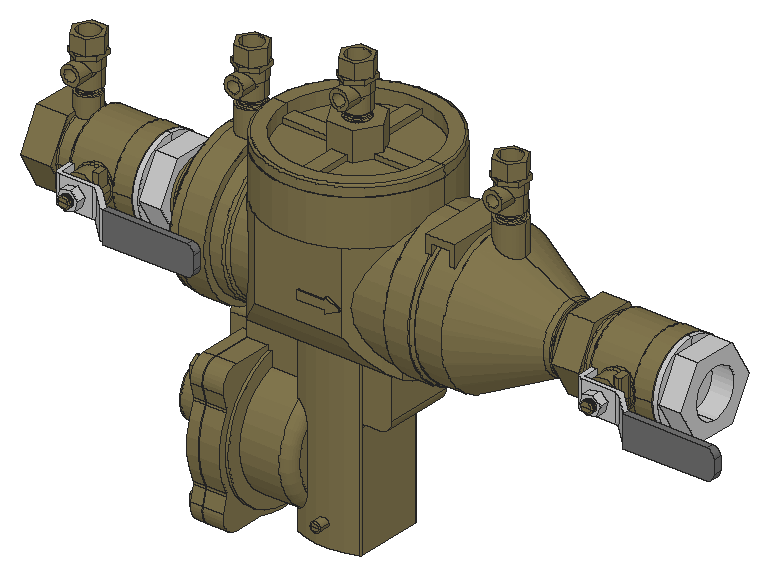
Revit family "FRP1.25-QT-LL 1.25in FRP", category Plumbing Fixtures, Revit 2018 (continued)
Definition of nested family "00_1-25 R V"
  Automatic sketch dimensions
    Revolve 4 sketch curve to plane 4 = 0.2537"
    Revolve 4 sketch curve to plane 4 = 0.09622"
    plane 8 to Revolve 4 sketch curve = 0.37402"
    Revolve 4 sketch curve to Revolve 4 sketch curve = 1.15921"
    Revolve 4 sketch curve to Revolve 4 sketch curve = 0.08313"
    Extrusion 5 sketch curve to Extrusion 5 sketch curve = 0.00"  (x2)
    Extrusion 5 sketch curve to plane 1 "Center (Front/Back)" = 0.00"
    Extrusion 5 sketch curve to plane 9 = 0.00"  (x2)
    Extrusion 5 sketch curve to plane 8 = 0.21812"
    Extrusion 5 sketch curve to plane 1 "Center (Front/Back)" = 0.54644"
    Extrusion 5 sketch curve to level = 0.21812"
    Extrusion 5 sketch curve to plane 1 "Center (Front/Back)" = 0.54646"
    plane 9 to Extrusion 5 sketch curve = 0.00102"
    Extrusion 5 sketch curve to Extrusion 5 sketch curve = 0.54586"
    plane 1 "Center (Front/Back)" to Extrusion 5 sketch curve = 0.54644"  (x2)
    Extrusion 5 sketch curve to Extrusion 5 sketch curve = 0.54644"
    level to Extrusion 5 sketch curve = 0.09835"
    Extrusion 6 sketch curve to Extrusion 6 sketch curve = 0.00"  (x2)
    Extrusion 6 sketch curve to plane 1 "Center (Front/Back)" = 0.00"
    Extrusion 6 sketch curve to plane 9 = 0.00"  (x2)
    Extrusion 6 sketch curve to plane 8 = 0.21812"
    Extrusion 6 sketch curve to plane 1 "Center (Front/Back)" = 0.54644"
    Extrusion 6 sketch curve to level = 0.21812"
    Extrusion 6 sketch curve to plane 1 "Center (Front/Back)" = 0.54646"
    plane 9 to Extrusion 6 sketch curve = 0.00102"
    Extrusion 6 sketch curve to Extrusion 6 sketch curve = 0.54586"
    plane 1 "Center (Front/Back)" to Extrusion 6 sketch curve = 0.54644"  (x2)
    Extrusion 6 sketch curve to Extrusion 6 sketch curve = 0.54644"
    plane 8 to Extrusion 6 sketch curve = 0.09835"
    plane 4 to Extrusion 7 sketch curve = 0.37461"
    Extrusion 7 sketch curve to plane 9 = 0.17769"
    Extrusion 7 sketch curve to Extrusion 7 sketch curve = 2.1809"
    Extrusion 7 sketch curve to Extrusion 7 sketch curve = 0.00174"
    level to Extrusion 7 sketch curve = 0.35247"
    Extrusion 7 sketch curve to Extrusion 7 sketch curve = 0.00246"
    plane 6 to Extrusion 7 sketch curve = 0.03754"
    Extrusion 7 sketch curve to Extrusion 7 sketch curve = 0.00249"
    level to Extrusion 7 sketch curve = 0.32537"
    plane 6 to Extrusion 7 sketch curve = 0.00983"
    plane 3 "Center (Left/Right)" to Revolve 9 sketch curve = 0.27683"
    Revolve 9 sketch curve to Revolve 9 sketch curve = 0.11409"
    Revolve 9 sketch curve to Revolve 9 sketch curve = 0.00024"
    Revolve 9 sketch curve to Revolve 9 sketch curve = 0.00"  (x5)
    Revolve 9 sketch curve to Revolve 9 sketch curve = 0.01379"
    Revolve 9 sketch curve to Revolve 9 sketch curve = 0.02358"  (x2)
    Revolve 9 sketch curve to Revolve 9 sketch curve = 0.03949"
    Revolve 9 sketch curve to Revolve 9 sketch curve = 0.00409"
    Revolve 9 sketch curve to Revolve 9 sketch curve = 0.00172"
    plane 1 "Center (Front/Back)" to Revolve 9 sketch curve = 2.1063"
    Revolve 9 sketch curve to Revolve 9 sketch curve = 0.01742"
    Revolve 9 sketch curve to Revolve 9 sketch curve = 0.03676"
    Revolve 9 sketch curve to Revolve 9 sketch curve = 0.03855"
    Revolve 9 sketch curve to Revolve 9 sketch curve = 0.03422"  (x4)
    Revolve 9 sketch curve to Revolve 9 sketch curve = 0.01437"
    Revolve 9 sketch curve to Revolve 9 sketch curve = 0.08721"
    Extrusion 11 sketch curve to Extrusion 11 sketch curve = 0.00"  (x2)
    plane 3 "Center (Left/Right)" to Extrusion 11 sketch curve = 0.09038"
    plane 9 to Extrusion 11 sketch curve = 0.19995"
    Extrusion 11 sketch curve to Extrusion 11 sketch curve = 0.23568"
    Extrusion 11 sketch curve to Extrusion 11 sketch curve = 0.23731"
    Extrusion 11 sketch curve to Extrusion 11 sketch curve = 0.00054"
    Extrusion 11 sketch curve to Extrusion 11 sketch curve = 0.23676"
    Extrusion 11 sketch curve to Extrusion 11 sketch curve = 0.23622"
    Extrusion 11 sketch curve to Extrusion 11 sketch curve = 0.00126"
    Extrusion 11 sketch curve to Extrusion 11 sketch curve = 0.1345"
    Extrusion 11 sketch curve to Extrusion 11 sketch curve = 0.27214"
    Extrusion 11 sketch curve to Extrusion 11 sketch curve = 0.13826"
    Extrusion 11 sketch curve to Extrusion 11 sketch curve = 0.13732"
    Extrusion 11 sketch curve to Extrusion 11 sketch curve = 0.27182"
    Extrusion 11 sketch curve to Extrusion 11 sketch curve = 0.0727"
    Extrusion 11 sketch curve to Extrusion 11 sketch curve = 0.06835"
    Extrusion 12 sketch curve to Extrusion 12 sketch curve = 0.00"  (x2)
    plane 9 to Extrusion 12 sketch curve = 0.00442"  (x3)
    Extrusion 12 sketch curve to plane 3 "Center (Left/Right)" = 0.04042"
    plane 3 "Center (Left/Right)" to Extrusion 12 sketch curve = 0.1143"  (x2)
    plane 3 "Center (Left/Right)" to Extrusion 12 sketch curve = 0.26902"
    Extrusion 12 sketch curve to Extrusion 12 sketch curve = 0.15472"
    Extrusion 12 sketch curve to Extrusion 12 sketch curve = 0.30944"  (x2)
    Extrusion 12 sketch curve to plane 9 = 0.26736"
    plane 6 to Extrusion 12 sketch curve = 0.14099"
    Extrusion 12 sketch curve to Extrusion 12 sketch curve = 0.11737"
    Extrusion 12 sketch curve to Extrusion 12 sketch curve = 0.08124"
    plane 3 "Center (Left/Right)" to Revolve 2 sketch curve = 0.27683"  (x2)
    Revolve 2 sketch curve to Revolve 2 sketch curve = 0.43307"
    Revolve 2 sketch curve to Revolve 2 sketch curve = 0.03862"
    plane 1 "Center (Front/Back)" to Revolve 2 sketch curve = 1.53543"
    Revolve 2 sketch curve to Revolve 2 sketch curve = 0.41417"
    Revolve 2 sketch curve to Revolve 2 sketch curve = 0.19767"
    Revolve 2 sketch curve to Revolve 2 sketch curve = 0.00075"
    Revolve 2 sketch curve to Revolve 2 sketch curve = 0.27272"
    Revolve 2 sketch curve to Revolve 2 sketch curve = 0.05776"
    plane 1 "Center (Front/Back)" to Revolve 1 sketch curve = 0.00"  (x2)
    Revolve 1 sketch curve to plane 5 = 0.37181"
    Revolve 1 sketch curve to Revolve 1 sketch curve = 0.03911"
    Revolve 1 sketch curve to Revolve 1 sketch curve = 0.11196"
    Revolve 1 sketch curve to Revolve 1 sketch curve = 0.03335"
    Revolve 1 sketch curve to Revolve 1 sketch curve = 0.08025"
    Revolve 1 sketch curve to Revolve 1 sketch curve = 0.03277"
    Revolve 1 sketch curve to plane 4 = 0.41559"
    Revolve 1 sketch curve to Revolve 1 sketch curve = 0.01969"
    plane 4 to Revolve 1 sketch curve = 0.09622"
    Revolve 1 sketch curve to plane 1 "Center (Front/Back)" = 0.90551"
    Revolve 1 sketch curve to Revolve 1 sketch curve = 0.01925"
    Revolve 1 sketch curve to Revolve 1 sketch curve = 0.03485"
    Revolve 1 sketch curve to Revolve 1 sketch curve = 0.12007"
    Revolve 1 sketch curve to Revolve 1 sketch curve = 0.01892"
    Revolve 1 sketch curve to Revolve 1 sketch curve = 0.02745"
    Revolve 1 sketch curve to plane 5 = 0.14638"
    Extrusion 8 sketch curve to plane 3 "Center (Left/Right)" = 0.2778"
    Extrusion 8 sketch curve to Extrusion 8 sketch curve = 0.11811"
    Extrusion 8 sketch curve to Extrusion 8 sketch curve = 0.03468"
    Extrusion 8 sketch curve to Extrusion 8 sketch curve = 0.00169"
    Extrusion 8 sketch curve to plane 4 = 0.38011"
    Extrusion 8 sketch curve to Extrusion 8 sketch curve = 0.0199"
    Extrusion 8 sketch curve to Extrusion 8 sketch curve = 0.15836"
    Extrusion 8 sketch curve to Extrusion 8 sketch curve = 0.06944"
    plane 4 to Extrusion 8 sketch curve = 0.26382"
    Extrusion 8 sketch curve to Extrusion 8 sketch curve = 0.07159"
    Extrusion 8 sketch curve to Extrusion 8 sketch curve = 0.10518"
    Extrusion 8 sketch curve to Extrusion 8 sketch curve = 0.01879"
    Extrusion 8 sketch curve to Extrusion 8 sketch curve = 0.59084"
    plane 1 "Center (Front/Back)" to Extrusion 8 sketch curve = 2.35668"
    Extrusion 8 sketch curve to Extrusion 8 sketch curve = 0.07322"
    Extrusion 8 sketch curve to Extrusion 8 sketch curve = 0.11731"
    Extrusion 8 sketch curve to Extrusion 8 sketch curve = 0.09544"
    Extrusion 8 sketch curve to Extrusion 8 sketch curve = 0.32722"
    Extrusion 8 sketch curve to Extrusion 8 sketch curve = 0.04805"
    Extrusion 8 sketch curve to Extrusion 8 sketch curve = 0.11031"
    Extrusion 8 sketch curve to Extrusion 8 sketch curve = 0.09759"
    Extrusion 8 sketch curve to Extrusion 8 sketch curve = 0.35823"
    Extrusion 10 sketch curve to plane 3 "Center (Left/Right)" = 0.39591"
    Extrusion 10 sketch curve to Extrusion 10 sketch curve = 0.01717"
    Extrusion 10 sketch curve to Extrusion 10 sketch curve = 0.01969"
    Extrusion 10 sketch curve to Extrusion 10 sketch curve = 0.01196"
    Extrusion 10 sketch curve to Extrusion 10 sketch curve = 0.09843"
    plane 1 "Center (Front/Back)" to Extrusion 10 sketch curve = 1.49402"
    Extrusion 10 sketch curve to Extrusion 10 sketch curve = 0.1582"
    Extrusion 10 sketch curve to Extrusion 10 sketch curve = 0.04545"
    plane 3 "Center (Left/Right)" to Extrusion 3 sketch curve = 0.51817"
    Extrusion 3 sketch curve to Extrusion 3 sketch curve = 0.03918"
    Extrusion 3 sketch curve to Extrusion 3 sketch curve = 0.04025"
    Extrusion 3 sketch curve to Extrusion 3 sketch curve = 0.10972"
    Extrusion 3 sketch curve to Extrusion 3 sketch curve = 0.1134"
    Extrusion 3 sketch curve to Extrusion 3 sketch curve = 0.03465"
    plane 1 "Center (Front/Back)" to Extrusion 3 sketch curve = 1.5137"
    Extrusion 3 sketch curve to Extrusion 3 sketch curve = 0.24092"
